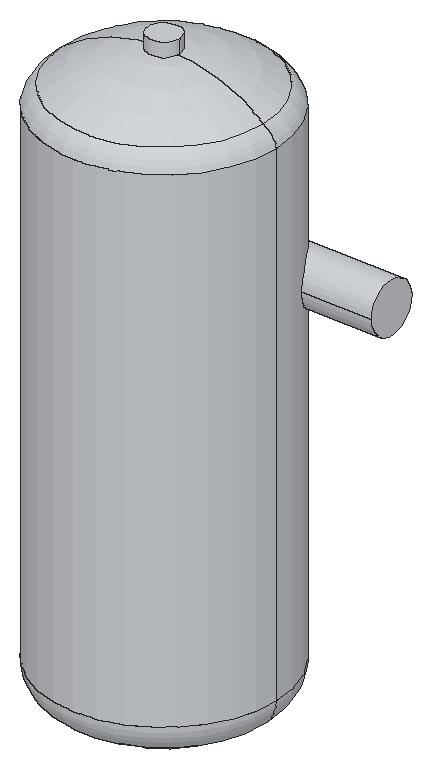
Revit family
Parameters (values of type "1-AS-L 125# W.P.")
  Weight = "15 lbs"
  Top to Inlet = 4.000"
  Top Connection Radius = 0.375"
  Top Connection Diameter = Top Connection Radius * 2  # 0.750"
  Tangential = yes
  Tank Height = 12.000"
  Tank Diameter = 4.500"
  Outlet Pipe Conn. Radius = Outlet Pipe Conn / 2  # 0.500"
  Outlet Pipe Conn = 1.000"
  Offset from CL = 1.313"
  Model = "1-AS-L"
  Pressure Drop = "0"
  Max Operating Temp = "350 DEG F"
  Max Operating Pressure = "125 PSI"
  Manufacturer = "Amtrol"
  Inlet CL to Outlet CL = 4.000"
  Inlet Pipe Conn = 1.000"
  Inlet Pipe Conn. Radius = Inlet Pipe Conn / 2  # 0.500"
  Flow (GPM) = "16"
  Pipe End to Pipe End Height = 7.000"
  CL to Outlet Flange = 3.500"
  Bottom Connection Radius = Bottom Connection Diameter / 2  # 0.375"
  Bottom Connection Diameter = 0.750"
  ASME = yes
Types (3): name | Offset from CL | Max Operating Pressure
  (no name) | 1.313" | "125 PSI"
  1-AS-L 125# W.P. | 1.313" | "125 PSI"
  1-AS-L 150# W.P. 10 BAR | 1.383" | "150 PSI"
Reference planes (in)
  plane 1 "Center (Front/Back)": y = 0
  plane 2: z = 0
  plane 3 "Center (Left/Right)": x = 0
Forms (in)
  Revolve 1, solid
    sketch origin (0, 0, 0) x (1, 0, 0) y (0, 0, 1)
      loop
        arc (0, 0.21969) -> (1.04269, 0.3565) -> (1.98711, 0.81908) r 3.25
        arc (1.98711, 0.81908) -> (2.1804, 1.04187) -> (2.25, 1.32849) r 0.625
        line (2.25, 1.32849) -> (2.25, 11.22219)
        arc (2.25, 11.22219) -> (2.15653, 11.42078) -> (2.00017, 11.57481) r 0.625
        arc (2.00017, 11.57481) -> (1.05365, 12.06338) -> (0, 12.21969) r 3.25
        line (0, 12.21969) -> (0, 0.21969)
      axis (0, 0.21969) -> (0, 12.21969)
    angle from 0 to 360
  Extrusion 2, solid
    sketch origin (0.95154, 0, -3.04461) x (0, 1, 0) y (0, 0, 1)
      loop
        circle (1.313, 7.28283) r 0.5
    from -4.45154 to -0.95154
  Extrusion 3, solid
    sketch origin (0, 0, -6.75184) x (0, 1, 0) y (0, 0, 1)
      loop
        circle (1.313, 14.99006) r 0.5
    from 0 to 3.5
  Sweep 4, solid
    path origin (0, 0, 0) x (1, 0, 0) y (0, 0, 1)
      loop
        line (0, 12.23823) -> (0, 12.50688)
    profile origin (0, 0, 12.37255) x (-1, 0, 0) y (0, -1, 0)
      loop
        circle (0, 0) r 0.3125
  Sweep 5, solid
    path origin (-0.00393, 0, -0.31557) x (1, 0, 0) y (0, 0, 1)
      loop
        line (0.00393, 0.2864) -> (0.00393, 0.5538)
    profile origin (0, 0, 0.10452) x (-1, 0, 0) y (0, -1, 0)
      loop
        circle (0, 0) r 0.3125
Text (in)
  text "INLET" at (11.05624, 0, 17.22368), in view "Front"
  text "OUTLET" at (-19.15084, 0, 8.92051), in view "Front"
Dimensions and locks (in)
  "Offset from CL": plane 1 "Center (Front/Back)" to Extrusion 2 sketch curve
  "Tank Height": Sweep 4 sketch curve to Sweep 5
  Revolve 1 sketch curve to level = 0.21969"
  Revolve 1 sketch curve to Revolve 1 sketch curve = 2.62561"
  Revolve 1 sketch curve to Revolve 1 sketch curve = 2.250"
  "Tank Height": Revolve 1 sketch curve to Revolve 1 sketch curve
  "Offset from CL": plane 1 "Center (Front/Back)" to Extrusion 3 sketch curve
  "Top to Inlet": Sweep 4 to Extrusion 3 sketch curve
  locked: Sweep 4 to Extrusion 2 sketch curve at 8
  "CL to Outlet Flange": Extrusion 2 to plane 3 "Center (Left/Right)"
  radius of Revolve 1 sketch curve = 3.250"
  radius of Revolve 1 sketch curve = 0.625"
  aligned and locked: plane 3 "Center (Left/Right)" to Sweep 4 sketch curve
  aligned and locked: plane 3 "Center (Left/Right)" to Sweep 5 sketch curve
  aligned and locked: plane 3 "Center (Left/Right)" to Extrusion 2
  aligned and locked: Extrusion 3 to plane 3 "Center (Left/Right)"
  aligned and locked: Extrusion 2 to Extrusion 3
Automatic sketch dimensions
  plane 1 "Center (Front/Back)" to Sweep 4 sketch curve = 0.000"
  Sweep 4 sketch curve to profile plane = 0.000"
  plane 1 "Center (Front/Back)" to Sweep 5 sketch curve = 0.000"
  Sweep 5 sketch curve to profile plane = 0.000"
  Revolve 1 sketch curve to plane 3 "Center (Left/Right)" = 0.000"  (x2)
  plane 3 "Center (Left/Right)" to Revolve 1 sketch curve = 0.05635"
  plane 3 "Center (Left/Right)" to Revolve 1 sketch curve = 0.10413"
  Revolve 1 sketch curve to Revolve 1 sketch curve = 0.000"
  Revolve 1 sketch curve to Revolve 1 sketch curve = 0.24983"
  Revolve 1 sketch curve to Revolve 1 sketch curve = 1.38804"
  Revolve 1 sketch curve to Revolve 1 sketch curve = 0.60344"
  Revolve 1 sketch curve to Revolve 1 sketch curve = 0.16273"
  Sweep 4 sketch curve to Sweep 4 sketch curve = 0.26866"
  Sweep 4 sketch curve to plane 3 "Center (Left/Right)" = 0.000"
  Sweep 5 sketch curve to level = 0.02918"
  level to Sweep 5 sketch curve = 0.23823"
  Revolve 1 sketch curve to level = 0.02918"
  radius of Extrusion 2 sketch curve = 0.500"
  radius of Extrusion 3 sketch curve = 0.500"
  radius of Sweep 4 sketch curve = 0.3125"
  radius of Sweep 5 sketch curve = 0.3125"
Connectors (in)
  piping at (0, 0, 12.50688), driven by "Top Connection Radius"
    settings: on Sweep 4, index 1
  piping at (3.5, 1.313, 8.23823), driven by "Inlet Pipe Conn. Radius"
    settings: on Extrusion 3, index 2
  piping at (-3.5, 1.313, 4.23823), driven by "Outlet Pipe Conn. Radius"
    settings: on Extrusion 2, index 3
  piping at (0, 0, -0.02918), driven by "Bottom Connection Radius"
    settings: on Sweep 5, index 4
